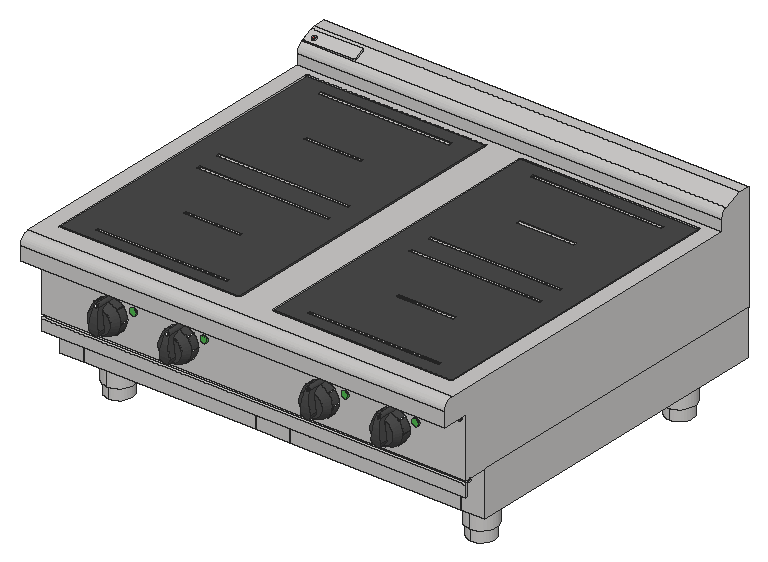
Revit family "QF_Moffat_INL8400R3-B_Induction_Cooktop_cat", category Specialty Equipment, Revit 2019 (continued)
Definition of nested family "QF_LOGO_Waldorf1"
  Automatic sketch dimensions
    Extrusion 1 sketch curve to Extrusion 1 sketch curve = 3.464 mm  (x3)
    Extrusion 1 sketch curve to Extrusion 1 sketch curve = 3.541 mm
    Extrusion 1 sketch curve to Extrusion 1 sketch curve = 4.325 mm
    Extrusion 1 sketch curve to Extrusion 1 sketch curve = 19.783 mm
    Extrusion 1 sketch curve to Extrusion 1 sketch curve = 7.592 mm
    plane 3 "LEFT" to Extrusion 2 sketch curve = 15.25 mm
    Extrusion 2 sketch curve to Extrusion 2 sketch curve = 4.325 mm
    plane 3 "LEFT" to Extrusion 3 sketch curve = 14.75 mm
    Extrusion 3 sketch curve to Extrusion 3 sketch curve = 4.325 mm
    Extrusion 1 to Split face 1 sketch curve = 6.879 mm
    Split face 1 sketch curve to Extrusion 1 = 5.728 mm
    Split face 1 sketch curve to Split face 1 sketch curve = 3.132 mm
    Split face 1 sketch curve to Split face 1 sketch curve = 4.068 mm
    Split face 1 sketch curve to Split face 1 sketch curve = 3.051 mm
    Split face 1 sketch curve to Split face 1 sketch curve = 4.203 mm
    Split face 1 sketch curve to Split face 1 sketch curve = 2.916 mm
    Split face 1 sketch curve to Split face 1 sketch curve = 3.456 mm
    Split face 1 sketch curve to Split face 1 sketch curve = 2.934 mm
    Split face 1 sketch curve to Split face 1 sketch curve = 4.131 mm
    Split face 1 sketch curve to Split face 1 sketch curve = 3.96 mm
    Split face 1 sketch curve to Split face 1 sketch curve = 0 mm  (x2)
    Split face 1 sketch curve to Extrusion 1 = 9.736 mm  (x2)
    Extrusion 1 to Split face 1 sketch curve = 6.337 mm
    Extrusion 1 to Split face 1 sketch curve = 6.231 mm
    Extrusion 1 to Split face 1 sketch curve = 3.184 mm
    Extrusion 1 to Split face 1 sketch curve = 13.135 mm
    Split face 1 sketch curve to Split face 1 sketch curve = 4.652 mm
    Split face 1 sketch curve to Split face 1 sketch curve = 3.593 mm
    Split face 1 sketch curve to Split face 1 sketch curve = 1.863 mm
    Split face 1 sketch curve to Split face 1 sketch curve = 0.713 mm
    Split face 1 sketch curve to Split face 1 sketch curve = 2.684 mm
    Split face 1 sketch curve to Split face 1 sketch curve = 3.294 mm
    Split face 1 sketch curve to Split face 1 sketch curve = 0.459 mm
    Split face 1 sketch curve to Split face 1 sketch curve = 2.775 mm
    Split face 1 sketch curve to Split face 1 sketch curve = 1.89 mm
    Split face 1 sketch curve to Split face 1 sketch curve = 0.685 mm
    Split face 1 sketch curve to Split face 1 sketch curve = 9.486 mm
    Split face 1 sketch curve to Split face 1 sketch curve = 16.213 mm
    Split face 1 sketch curve to Split face 1 sketch curve = 3.48 mm
    Split face 1 sketch curve to Split face 1 sketch curve = 4.918 mm
    Split face 1 sketch curve to Split face 1 sketch curve = 7.609 mm
    Split face 1 sketch curve to Split face 1 sketch curve = 0.01 mm  (x2)
    Split face 1 sketch curve to Split face 1 sketch curve = 0.002 mm
    Split face 2 sketch curve to Extrusion 1 = 11.169 mm
    Extrusion 1 to Split face 2 sketch curve = 25.647 mm
    Split face 2 sketch curve to Split face 2 sketch curve = 3.72 mm
    Split face 2 sketch curve to Extrusion 1 = 11.965 mm
    Split face 2 sketch curve to Split face 2 sketch curve = 0.371 mm
    Split face 2 sketch curve to Extrusion 1 = 6.602 mm
    Split face 2 sketch curve to Split face 2 sketch curve = 2.689 mm
    Split face 2 sketch curve to Split face 2 sketch curve = 0.318 mm
    Split face 2 sketch curve to Split face 2 sketch curve = 3.729 mm
    Split face 2 sketch curve to Split face 2 sketch curve = 0.414 mm
    Split face 2 sketch curve to Split face 2 sketch curve = 0.875 mm
    Split face 2 sketch curve to Split face 2 sketch curve = 0.878 mm
    Split face 3 sketch curve to Extrusion 1 = 8.597 mm
    Extrusion 1 to Split face 3 sketch curve = 29.688 mm
    Split face 3 sketch curve to Extrusion 1 = 9.264 mm
    Split face 3 sketch curve to Split face 3 sketch curve = 2.326 mm
    Split face 4 sketch curve to Extrusion 1 = 5.728 mm
    Extrusion 1 to Split face 4 sketch curve = 38.08 mm
    Split face 4 sketch curve to Split face 4 sketch curve = 3.843 mm
    Split face 4 sketch curve to Extrusion 1 = 9.736 mm
    Split face 5 sketch curve to Extrusion 1 = 9.736 mm
    Split face 5 sketch curve to Extrusion 1 = 43.205 mm
    Split face 5 sketch curve to Extrusion 1 = 6.679 mm
    Split face 5 sketch curve to Split face 5 sketch curve = 0.342 mm
    Split face 5 sketch curve to Split face 5 sketch curve = 3.375 mm
    Split face 5 sketch curve to Split face 5 sketch curve = 0.952 mm
    Split face 5 sketch curve to Split face 5 sketch curve = 3.998 mm
    Split face 6 sketch curve to Extrusion 1 = 7.499 mm
    Split face 6 sketch curve to Extrusion 1 = 44.727 mm
    Split face 6 sketch curve to Split face 6 sketch curve = 2.07 mm
    Split face 7 sketch curve to Extrusion 1 = 5.305 mm
    Split face 7 sketch curve to Extrusion 1 = 32.551 mm
    Split face 7 sketch curve to Split face 7 sketch curve = 4.443 mm
    Split face 8 sketch curve to Extrusion 1 = 7.654 mm
    Split face 8 sketch curve to Extrusion 1 = 32.551 mm
    Split face 8 sketch curve to Split face 8 sketch curve = 2.095 mm
    Split face 9 sketch curve to Extrusion 1 = 5.728 mm
    Split face 9 sketch curve to Extrusion 1 = 25.521 mm
    Split face 9 sketch curve to Split face 9 sketch curve = 3.519 mm
    Split face 9 sketch curve to Split face 9 sketch curve = 0.315 mm
    Split face 9 sketch curve to Split face 9 sketch curve = 3.33 mm
    Split face 9 sketch curve to Split face 9 sketch curve = 3.248 mm
    Split face 9 sketch curve to Split face 9 sketch curve = 1.795 mm
    Split face 9 sketch curve to Split face 9 sketch curve = 3.36 mm
    Split face 9 sketch curve to Split face 9 sketch curve = 1.545 mm
    Split face 9 sketch curve to Split face 9 sketch curve = 0.233 mm
    Split face 10 sketch curve to Extrusion 1 = 18.106 mm
    Split face 10 sketch curve to Split face 10 sketch curve = 1.188 mm  (x2)
    Split face 10 sketch curve to Split face 10 sketch curve = 3.285 mm
    Split face 10 sketch curve to Split face 10 sketch curve = 3.789 mm
    Split face 10 sketch curve to Split face 10 sketch curve = 0 mm  (x2)
    Split face 10 sketch curve to Split face 10 sketch curve = 1.629 mm
    Split face 10 sketch curve to Split face 10 sketch curve = 2.133 mm
    Split face 10 sketch curve to Extrusion 1 = 5.728 mm
    Split face 10 sketch curve to Split face 10 sketch curve = 6.245 mm
    Split face 10 sketch curve to Split face 10 sketch curve = 1.907 mm  (x2)
    Split face 10 sketch curve to Split face 10 sketch curve = 1.197 mm
    Split face 10 sketch curve to Split face 10 sketch curve = 2.19 mm
Types (2, lengths in mm): name | Volts | Cycle | Apparent Power
  INL8400R3-B_415/60/3 | 415 V | 60 Hz | 14359 VA
  INL8400R3-B_400/50/3 | 400 V | 50 Hz | 13840 VA
